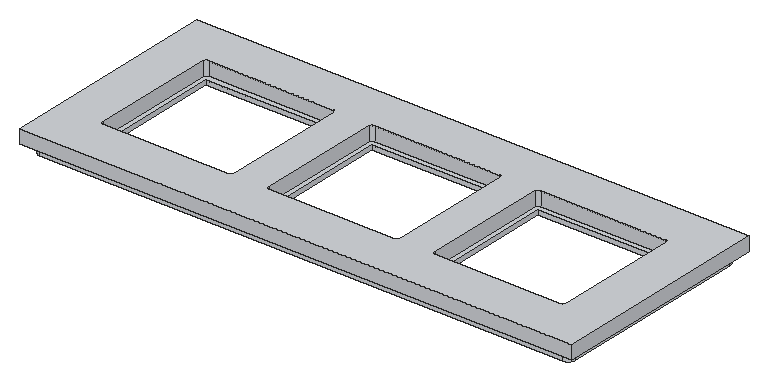
Revit family "Gira_0213127", category Electrical Fixtures, host Face, Revit 2017
Family settings
  Host = Face
  Maintain Annotation Orientation = No
  Round Connector Dimension = Use Diameter
  Part Type = Normal
  Cut with Voids When Loaded = No
  Shared = No
  Room Calculation Point = No
Parameters (values of type "Abdeckrahmen 3f Gira Esprit Alum.Braun")
  Werkstoffgüte = "aluminium"
  Werkstoff = "Metall"
  URL = "http://katalog.gira.de/de_DE/datenblatt.html?artikelnr=0213127"
  Transparent = "No"
  Textfeld/Beschriftungsfläche = "No"
  Schutzart (IP) = "IP20"
  Region = "DE"
  Oberfläche = "sonstige"
  Name = "Abdeckrahmen 3f Gira Esprit Alum.Braun"
  Montagerichtung = "horizontal und vertikal"
  Mit Montagerahmen = "No"
  Mit Klappdeckel = "No"
  Manufacturer URL = "https://www.gira.de/"
  Keynote = "Espr._Rahmen_3fach"
  HeinzeBIM = "https://bimportal.heinze.de/bim/abdeckrahmen-3f-gira-esprit-alum-braun/f79a215226e8ee745f4ace010952f61e0def2349"
  Halogenfrei = "Yes"
  HAN = "0213127"
  Geeignet für Unterputz-Installation = "Yes"
  Geeignet für Unterflurkanaldose = "No"
  Geeignet für Geräteeinbaukanal = "No"
  Geeignet für Einbauinstallation = "No"
  GTIN = "4010337109099"
  Farbe = "braun"
  Default Elevation = 1219.2 mm
  Data sheet (1) = "https://katalog.gira.de/de_DE/download.html?artikelnr=0213127"
  Category = "Abdeckrahmen"
  Befestigungsart = "Klemmbefestigung"
  Available = "Yes"
  Anzahl der Einheiten vertikal = "3 "
  Anzahl der Einheiten horizontal = "3 "
  Anzahl der Einheiten = "3 "
Reference planes
  plane 1 "Center (Front/Back)": y = 0
  plane 2: z = 0
  plane 3 "Center (Left/Right)": x = 0
Forms (mm)
  Extrusion 1, solid, detail levels fine
    sketch origin (0, 0, 0) x (1, 0, 0) y (0, 1, 0)
      loop
        line (-118.4, 47.5) -> (-118.4, -47.5) -> (118.4, -47.5) -> (118.4, 47.5) -> (-118.4, 47.5)
      loop
        arc (-99.5, -26.7) -> (-99.061, -27.761) -> (-98, -28.2) r 1.5
        line (-98, -28.2) -> (-44.6, -28.2)
        arc (-44.6, -28.2) -> (-43.539, -27.761) -> (-43.1, -26.7) r 1.5
        line (-43.1, -26.7) -> (-43.1, 26.7)
        arc (-43.1, 26.7) -> (-43.539, 27.761) -> (-44.6, 28.2) r 1.5
        line (-44.6, 28.2) -> (-98, 28.2)
        arc (-98, 28.2) -> (-99.061, 27.761) -> (-99.5, 26.7) r 1.5
        line (-99.5, 26.7) -> (-99.5, -26.7)
      loop
        arc (-28.2, -26.7) -> (-27.761, -27.761) -> (-26.7, -28.2) r 1.5
        line (-26.7, -28.2) -> (26.7, -28.2)
        arc (26.7, -28.2) -> (27.761, -27.761) -> (28.2, -26.7) r 1.5
        line (28.2, -26.7) -> (28.2, 26.7)
        arc (28.2, 26.7) -> (27.761, 27.761) -> (26.7, 28.2) r 1.5
        line (26.7, 28.2) -> (-26.7, 28.2)
        arc (-26.7, 28.2) -> (-27.761, 27.761) -> (-28.2, 26.7) r 1.5
        line (-28.2, 26.7) -> (-28.2, -26.7)
      loop
        arc (43.1, -26.7) -> (43.539, -27.761) -> (44.6, -28.2) r 1.5
        line (44.6, -28.2) -> (98, -28.2)
        arc (98, -28.2) -> (99.061, -27.761) -> (99.5, -26.7) r 1.5
        line (99.5, -26.7) -> (99.5, 26.7)
        arc (99.5, 26.7) -> (99.061, 27.761) -> (98, 28.2) r 1.5
        line (98, 28.2) -> (44.6, 28.2)
        arc (44.6, 28.2) -> (43.539, 27.761) -> (43.1, 26.7) r 1.5
        line (43.1, 26.7) -> (43.1, -26.7)
    from 0 to 6
  Extrusion 2, solid, detail levels fine
    sketch origin (0, 0, 0) x (1, 0, 0) y (0, 1, 0)
      loop
        line (-97.2, -25.7) -> (-45.4, -25.7) -> (-45.4, 25.7) -> (-97.2, 25.7) -> (-97.2, -25.7)
      loop
        line (97.2, 25.7) -> (45.4, 25.7) -> (45.4, -25.7) -> (97.2, -25.7) -> (97.2, 25.7)
      loop
        arc (-114.002, -41.3) -> (-113.474, -42.573) -> (-112.202, -43.1) r 1.8
        line (-112.202, -43.1) -> (112.202, -43.1)
        arc (112.202, -43.1) -> (113.474, -42.573) -> (114.002, -41.3) r 1.8
        line (114.002, -41.3) -> (114.002, 41.3)
        arc (114.002, 41.3) -> (113.474, 42.573) -> (112.202, 43.1) r 1.8
        line (112.202, 43.1) -> (-112.202, 43.1)
        arc (-112.202, 43.1) -> (-113.474, 42.573) -> (-114.002, 41.3) r 1.8
        line (-114.002, 41.3) -> (-114.002, -41.3)
      loop
        line (25.9, 25.7) -> (-25.9, 25.7) -> (-25.9, -25.7) -> (25.9, -25.7) -> (25.9, 25.7)
    from -1.9 to 0
  Extrusion 3, solid, detail levels fine
    sketch origin (0, 0, 0) x (1, 0, 0) y (0, 1, 0)
      loop
        arc (-112.3, 44.4) -> (-114.421, 43.521) -> (-115.3, 41.4) r 3
        line (-115.3, 41.4) -> (-115.3, -41.4)
        arc (-115.3, -41.4) -> (-114.421, -43.521) -> (-112.3, -44.4) r 3
        line (-112.3, -44.4) -> (112.3, -44.4)
        arc (112.3, -44.4) -> (114.421, -43.521) -> (115.3, -41.4) r 3
        line (115.3, -41.4) -> (115.3, 41.4)
        arc (115.3, 41.4) -> (114.421, 43.521) -> (112.3, 44.4) r 3
        line (112.3, 44.4) -> (-112.3, 44.4)
      loop
        arc (-114.1, -41.4) -> (-113.573, -42.673) -> (-112.3, -43.2) r 1.8
        line (-112.3, -43.2) -> (112.3, -43.2)
        arc (112.3, -43.2) -> (113.573, -42.673) -> (114.1, -41.4) r 1.8
        line (114.1, -41.4) -> (114.1, 41.4)
        arc (114.1, 41.4) -> (113.573, 42.673) -> (112.3, 43.2) r 1.8
        line (112.3, 43.2) -> (-112.3, 43.2)
        arc (-112.3, 43.2) -> (-113.573, 42.673) -> (-114.1, 41.4) r 1.8
        line (-114.1, 41.4) -> (-114.1, -41.4)
    from -3.7 to 0
  Extrusion 4, solid, detail levels medium
    sketch origin (0, 0, 0) x (1, 0, 0) y (0, 1, 0)
      loop
        line (-118.4, 47.5) -> (-118.4, -47.5) -> (118.4, -47.5) -> (118.4, 47.5) -> (-118.4, 47.5)
    from 0 to 6
  Extrusion 5, solid, detail levels medium
    sketch origin (0, 0, 0) x (1, 0, 0) y (0, 1, 0)
      loop
        line (-115.3, 44.4) -> (-115.3, -44.4) -> (115.3, -44.4) -> (115.3, 44.4) -> (-115.3, 44.4)
    from -3.7 to 0
  Extrusion 6, solid, detail levels coarse
    sketch origin (0, 0, 0) x (1, 0, 0) y (0, 1, 0)
      loop
        line (-118.4, 47.5) -> (-118.4, -47.5) -> (118.4, -47.5) -> (118.4, 47.5) -> (-118.4, 47.5)
    from -3.7 to 6
Dimensions and locks
  aligned and locked: plane 2 to host face
  aligned and locked: level to host face
